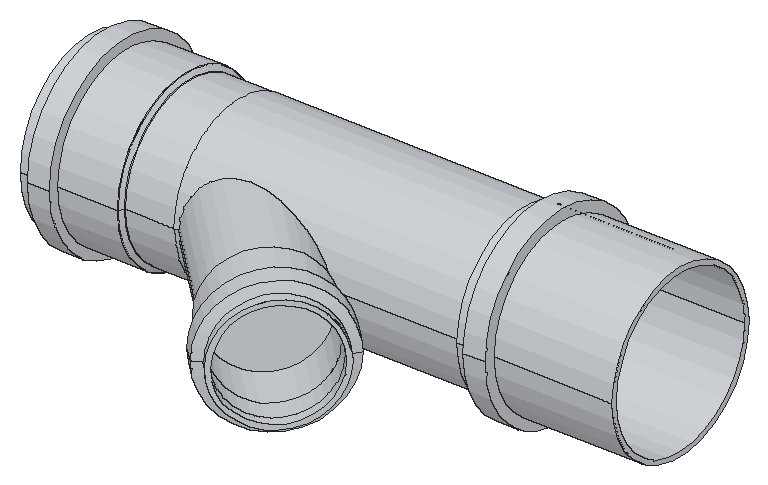
Revit family "Juncao Invertida - Serie Normal - Esgoto - MEP - Tigre", category Pipe Fittings, Revit 2022
Family settings
  Round Connector Dimension = Use Radius
  Part Type = Tee
  Work Plane-Based = No
  Always vertical = Yes
  Cut with Voids When Loaded = No
  Shared = No
Parameters (values of type "Standard")
  Ângulo 1 [instance] = if(Ângulo > 90.00°, 180.00° - Ângulo, Ângulo)  # 45.00°
  Ângulo [instance] = 45.00°
  built-in parameter 1114242 [instance] = (empty or 0)
  URL = "http://www.tigre.com.br"
  Type Comments = ""
  Tigre: Sistema = "Esgoto"  # constant formula
  Tigre: Norma = ""
  Tigre: Material = "PVC Branco"  # constant formula
  Tigre: Marcador [instance] = "00"
  Tigre: Link do Produto = "http://www.tigre.com.br/pt/produtos_unico.php?rcr_id=4&cpr_id=10&cpr_id_pai=4&lnh_id=9&prd_id=709"
  Tigre: Linha = "Série Normal"  # constant formula
  Tigre: Fabricante = "© Tigre S/A"  # constant formula
  Tigre: Descrição [instance] = if(and(Diâmetro Nominal 1 = 75.00 mm, Diâmetro Nominal 2 = 50.00 mm, Ângulo 1 > 40.00°, Ângulo 1 < 50.00°), "Junção Invertida 75 x 50mm, Esgoto Série Normal - TIGRE", if(and(Diâmetro Nominal 1 = 75.00 mm, Diâmetro Nominal 2 = 75.00 mm, Ângulo 1 > 40.00°, Ângulo 1 < 50.00°), "Junção Invertida 75 x 75mm, Esgoto Série Normal - TIGRE", if(and(Diâmetro Nominal 1 = 100.00 mm, Diâmetro Nominal 2 = 50.00 mm, Ângulo 1 > 40.00°, Ângulo 1 < 50.00°), "Junção Invertida 100 x 50mm, Esgoto Série Normal - TIGRE", if(and(Diâmetro Nominal 1 = 100.00 mm, Diâmetro Nominal 2 = 75.00 mm, Ângulo 1 > 40.00°, Ângulo 1 < 50.00°), "Junção Invertida 100 x 75mm, Esgoto Série Normal - TIGRE", if(and(Diâmetro Nominal 1 = 100.00 mm, Diâmetro Nominal 2 = 100.00 mm, Ângulo 1 > 40.00°, Ângulo 1 < 50.00°), "Junção Invertida 100 x 100mm, Esgoto Série Normal - TIGRE", "Produto Inexistente")))))  # "Junção Invertida 75 x 50mm, Esgoto Série Normal - TIGRE"
  Tigre: Código com Separador [instance] = if(and(Diâmetro Nominal 1 = 75.00 mm, Diâmetro Nominal 2 = 50.00 mm, Ângulo 1 > 40.00°, Ângulo 1 < 50.00°), "26.29.726.5", if(and(Diâmetro Nominal 1 = 75.00 mm, Diâmetro Nominal 2 = 75.00 mm, Ângulo 1 > 40.00°, Ângulo 1 < 50.00°), "26.29.729.0", if(and(Diâmetro Nominal 1 = 100.00 mm, Diâmetro Nominal 2 = 50.00 mm, Ângulo 1 > 40.00°, Ângulo 1 < 50.00°), "26.29.746.0", if(and(Diâmetro Nominal 1 = 100.00 mm, Diâmetro Nominal 2 = 75.00 mm, Ângulo 1 > 40.00°, Ângulo 1 < 50.00°), "26.29.747.8", if(and(Diâmetro Nominal 1 = 100.00 mm, Diâmetro Nominal 2 = 100.00 mm, Ângulo 1 > 40.00°, Ângulo 1 < 50.00°), "26.29.748.6", "Produto ou Código Inexistente")))))  # "26.29.726.5"
  Tigre: Código [instance] = if(and(Diâmetro Nominal 1 = 75.00 mm, Diâmetro Nominal 2 = 50.00 mm, Ângulo 1 > 40.00°, Ângulo 1 < 50.00°), 26297265, if(and(Diâmetro Nominal 1 = 75.00 mm, Diâmetro Nominal 2 = 75.00 mm, Ângulo 1 > 40.00°, Ângulo 1 < 50.00°), 26297290, if(and(Diâmetro Nominal 1 = 100.00 mm, Diâmetro Nominal 2 = 50.00 mm, Ângulo 1 > 40.00°, Ângulo 1 < 50.00°), 26297460, if(and(Diâmetro Nominal 1 = 100.00 mm, Diâmetro Nominal 2 = 75.00 mm, Ângulo 1 > 40.00°, Ângulo 1 < 50.00°), 26297478, if(and(Diâmetro Nominal 1 = 100.00 mm, Diâmetro Nominal 2 = 100.00 mm, Ângulo 1 > 40.00°, Ângulo 1 < 50.00°), 26297486, 0)))))  # 26297265
  Tigre: Comentários [instance] = ""
  Representação Unifilar 2 [instance] = Diâmetro Nominal 1 * 0.2  # 15 mm
  Representação Unifilar 1 [instance] = Diâmetro Nominal 1 * 0.2  # 15 mm
  Raio Nominal 2 [instance] = 25 mm
  Raio Nominal 1 [instance] = 37.5 mm
  Raio Interno 1 [instance] = Raio Nominal 1 - 2.00 mm  # 35.50 mm
  Raio Externo 2 [instance] = Diâmetro Externo 2 / 2  # 27 mm
  Raio Externo 1 [instance] = Diâmetro Externo 1 / 2  # 40 mm
  Raio Anel 2 [instance] = size_lookup(Lookup Table Name, "RaioAnel2", 0.5343 * Diâmetro Nominal 1 - 3.80 mm, Diâmetro Nominal 1, Diâmetro Nominal 2)  # 31.5 mm
  Raio Anel 1 [instance] = size_lookup(Lookup Table Name, "RaioAnel1", 0.5652 * Diâmetro Nominal 1 + 0.86 mm, Diâmetro Nominal 1, Diâmetro Nominal 2)  # 44.4 mm
  Model = ""
  Manufacturer = Tigre: Fabricante  # "© Tigre S/A"
  Luva Esquerda [instance] = and(and(not(Diâmetro Nominal 1 = 40.00 mm), Bolsa Direita), not(Ligação em Conexão))  # yes
  Luva Direita [instance] = and(and(not(Diâmetro Nominal 1 = 40.00 mm), Bolsa Esquerda), not(Ligação em Conexão), not(and(Ângulo > 40.00°, Ângulo < 50.00°)))  # no
  Loss Method = Not Defined
  Lookup Table Name = "Juncao invertida - Serie Normal - Esgoto - MEP - Tigre"
  Ligação em Conexão [instance] = no
  K Coefficient Table = "Tee"
  Inverter Sentido da Luva _ Somente Tê [instance] = 1 = 0  # no
  Description = "Junção Invertida, Esgoto Série Normal - TIGRE"
  Default Elevation = 0.00 mm
  Cota Máxima [instance] = if(Cota A1 > Cota C1, Cota A1, Cota C1)  # 137 mm
  Cota E1 [instance] = if(and(Ângulo > 40.00°, Ângulo < 50.00°), size_lookup(Lookup Table Name, "CotE1", 0.5 * Diâmetro Nominal 1, Diâmetro Nominal 1, Diâmetro Nominal 2), if(and(Ângulo > 130.00°, Ângulo < 140.00°), size_lookup(Lookup Table Name, "CotE2", 1.5 * Diâmetro Nominal 1, Diâmetro Nominal 1, Diâmetro Nominal 2), size_lookup(Lookup Table Name, "CotE1", 1.5 * Diâmetro Nominal 1, Diâmetro Nominal 1, Diâmetro Nominal 2)))  # 69.55 mm
  Aux. Unifilar [instance] = Cota C + Chanfro 2  # 91.3 mm
  Bolsa Esquerda [instance] = or(and(Diâmetro Nominal 1 = 40.00 mm), not(Bolsa Direita))  # no
  Bolsa Direita [instance] = or(and(Diâmetro Nominal 1 = 40.00 mm), Inverter Sentido da Luva _ Somente Tê, and(Ângulo > 40.00°, Ângulo < 50.00°))  # yes
  Anel 2 [instance] = if(and(Diâmetro Nominal 1 = 40.00 mm, Diâmetro Nominal 2 = 40.00 mm), Raio Externo 2, Raio Anel 2)  # 31.5 mm
  Anel 1 [instance] = if(and(Diâmetro Nominal 1 = 40.00 mm, Diâmetro Nominal 2 = 40.00 mm), Raio Externo 1, Raio Anel 1)  # 44.4 mm
  Acabamento [instance] = none
  Diâmetro Nominal 2 [instance] = Raio Nominal 2 * 2  # 50 mm
  Diâmetro Nominal 1 [instance] = Raio Nominal 1 * 2  # 75 mm
  Diâmetro Externo 2 [instance] = size_lookup(Lookup Table Name, "DE2", 0.9733 * Diâmetro Nominal 1 - 6.84 mm, Diâmetro Nominal 1, Diâmetro Nominal 2)  # 54 mm
  Diâmetro Externo 1 [instance] = size_lookup(Lookup Table Name, "DE1", 1.031 * Diâmetro Nominal 1 + 2.66 mm, Diâmetro Nominal 1, Diâmetro Nominal 2)  # 80 mm
  Cota D2 [instance] = size_lookup(Lookup Table Name, "CotD2", 0.0224 * Diâmetro Nominal 1 + 3.42 mm, Diâmetro Nominal 1, Diâmetro Nominal 2)  # 5.3 mm
  Cota D1 [instance] = size_lookup(Lookup Table Name, "CotD1", 0.0241 * Diâmetro Nominal 1 + 3.46 mm, Diâmetro Nominal 1, Diâmetro Nominal 2)  # 5.5 mm
  Cota C1 [instance] = if(and(Ângulo > 40.00°, Ângulo < 50.00°), size_lookup(Lookup Table Name, "CotC1", 0.5 * Diâmetro Nominal 1, Diâmetro Nominal 1, Diâmetro Nominal 2), if(and(Ângulo > 130.00°, Ângulo < 140.00°), size_lookup(Lookup Table Name, "CotA1", 1.5 * Diâmetro Nominal 1, Diâmetro Nominal 1, Diâmetro Nominal 2), size_lookup(Lookup Table Name, "CotA1", 1.5 * Diâmetro Nominal 1, Diâmetro Nominal 1, Diâmetro Nominal 2)))  # 23 mm
  Cota C [instance] = if(and(Ângulo > 130.00°, Ângulo < 140.00°), size_lookup(Lookup Table Name, "CotE", Cota Máxima, Diâmetro Nominal 1, Diâmetro Nominal 2), if(and(Ângulo > 40.00°, Ângulo < 50.00°), size_lookup(Lookup Table Name, "CotE", Cota Máxima, Diâmetro Nominal 1, Diâmetro Nominal 2), Cota Máxima))  # 90 mm
  Cota B2 [instance] = size_lookup(Lookup Table Name, "CotB2", 0.2779 * Diâmetro Nominal 1 + 19.00 mm, Diâmetro Nominal 1, Diâmetro Nominal 2)  # 40 mm
  Cota B1 [instance] = size_lookup(Lookup Table Name, "CotB1", 0.332 * Diâmetro Nominal 1 + 18.35 mm, Diâmetro Nominal 1, Diâmetro Nominal 2)  # 46.55 mm
  Cota Anel 2 [instance] = size_lookup(Lookup Table Name, "CotAnel2", 0.0703 * Diâmetro Nominal 1 + 4.08 mm, Diâmetro Nominal 1, Diâmetro Nominal 2)  # 10 mm
  Cota Anel 1 [instance] = size_lookup(Lookup Table Name, "CotAnel1", 0.0801 * Diâmetro Nominal 1 + 3.76 mm, Diâmetro Nominal 1, Diâmetro Nominal 2)  # 10.2 mm
  Cota A1 [instance] = if(and(Ângulo > 130.00°, Ângulo < 140.00°), size_lookup(Lookup Table Name, "CotC1", 0.5 * Diâmetro Nominal 1, Diâmetro Nominal 1, Diâmetro Nominal 2), if(and(Ângulo > 40.00°, Ângulo < 50.00°), size_lookup(Lookup Table Name, "CotA1", 1.5 * Diâmetro Nominal 1, Diâmetro Nominal 1, Diâmetro Nominal 2), size_lookup(Lookup Table Name, "CotC1", 0.5 * Diâmetro Nominal 1, Diâmetro Nominal 1, Diâmetro Nominal 2)))  # 137 mm
  Chanfro 2 [instance] = size_lookup(Lookup Table Name, "Chan2", 0.0023 * Diâmetro Nominal 1 + 1.12 mm, Diâmetro Nominal 1, Diâmetro Nominal 2)  # 1.3 mm
  Chanfro 1 [instance] = size_lookup(Lookup Table Name, "Chan1", 0.0024 * Diâmetro Nominal 1 + 1.15 mm, Diâmetro Nominal 1, Diâmetro Nominal 2)  # 1.4 mm
Reference planes
  plane 1 "Center (Front/Back)": y = 0
  plane 2: z = 0
  plane 3 "Center (Left/Right)": x = 0
Forms (mm)
  Sweep 1, solid, material <- "Acabamento", detail levels fine
    path in 3D
      loop
        line (0, 0, 0) -> (-23, 0, 0)
    profile origin (-11.5, 0, 0) x (0, -1, 0) y (0, 0, 1)
      loop
        circle (0, 0) r 37.5
  SweptBlend 2, solid, material <- "Acabamento", visible <- "Bolsa Direita", detail levels fine
    path in 3D
      loop
        line (-23, 0, 0) -> (-24.4, 0, 0)
    profile origin (-23, 0, 0) x (0, -1, 0) y (0, 0, 1)
      loop
        circle (0, 0) r 37.5
    end profile origin (-24.4, 0, 0) x (0, -1, 0) y (0, 0, 1)
      loop
        circle (0, 0) r 40
  Sweep 3, solid, material <- "Acabamento", visible <- "Bolsa Direita", detail levels fine
    path in 3D
      loop
        line (-24.4, 0, 0) -> (-52.45, 0, 0)
    profile origin (-38.425, 0, 0) x (0, -1, 0) y (0, 0, 1)
      loop
        circle (0, 0) r 40
      loop
        circle (0, 0) r 37.5
  Sweep 4, solid, material <- "Acabamento", visible <- "Bolsa Direita", detail levels fine
    path in 3D
      loop
        line (-52.45, 0, 0) -> (-62.65, 0, 0)
    profile origin (-57.55, 0, 0) x (0, -1, 0) y (0, 0, 1)
      loop
        circle (0, 0) r 44.4
      loop
        circle (0, 0) r 37.5
  SweptBlend 5, solid, material <- "Acabamento", visible <- "Bolsa Direita", detail levels fine
    path in 3D
      loop
        line (-62.65, 0, 0) -> (-64.05, 0, 0)
    profile origin (-62.65, 0, 0) x (0, -1, 0) y (0, 0, 1)
      loop
        circle (0, 0) r 44.4
    end profile origin (-64.05, 0, 0) x (0, -1, 0) y (0, 0, 1)
      loop
        circle (0, 0) r 40
  Sweep 6, solid, material <- "Acabamento", visible <- "Bolsa Direita", detail levels fine
    path in 3D
      loop
        line (-64.05, 0, 0) -> (-69.55, 0, 0)
    profile origin (-66.8, 0, 0) x (0, -1, 0) y (0, 0, 1)
      loop
        circle (0, 0) r 37.5
      loop
        circle (0, 0) r 40
  Sweep 7, solid, material <- "Acabamento", detail levels fine
    path in 3D
      loop
        line (0, 0, 0) -> (63.64, -63.64, 0)
    profile origin (31.82, -31.82, 0) x (0.707107, 0.707107, 0) y (0, 0, 1)
      loop
        circle (0, 0) r 25
  SweptBlend 8, solid, material <- "Acabamento", detail levels fine
    path in 3D
      loop
        line (63.64, -63.64, 0) -> (64.559, -64.559, 0)
    profile origin (63.64, -63.64, 0) x (0.707107, 0.707107, 0) y (0, 0, 1)
      loop
        circle (0, 0) r 25
    end profile origin (64.559, -64.559, 0) x (0.707107, 0.707107, 0) y (0, 0, 1)
      loop
        circle (0, 0) r 27
  Sweep 9, solid, material <- "Acabamento", detail levels fine
    path in 3D
      loop
        line (64.559, -64.559, 0) -> (81.105, -81.105, 0)
    profile origin (72.832, -72.832, 0) x (0.707107, 0.707107, 0) y (0, 0, 1)
      loop
        circle (0, 0) r 27
      loop
        circle (0, 0) r 25
  SweptBlend 10, solid, material <- "Acabamento", detail levels fine
    path in 3D
      loop
        line (88.176, -88.176, 0) -> (89.095, -89.095, 0)
    profile origin (88.176, -88.176, 0) x (0.707107, 0.707107, 0) y (0, 0, 1)
      loop
        circle (0, 0) r 31.5
    end profile origin (89.095, -89.095, 0) x (0.707107, 0.707107, 0) y (0, 0, 1)
      loop
        circle (0, 0) r 27
  Sweep 11, solid, material <- "Acabamento", detail levels fine
    path in 3D
      loop
        line (89.095, -89.095, 0) -> (92.843, -92.843, 0)
    profile origin (90.969, -90.969, 0) x (0.707107, 0.707107, 0) y (0, 0, 1)
      loop
        circle (0, 0) r 27
      loop
        circle (0, 0) r 25
  Sweep 12, solid, material <- "Acabamento", detail levels fine
    path in 3D
      loop
        line (137, 0, 0) -> (0, 0, 0)
    profile origin (68.5, 0, 0) x (0, -1, 0) y (0, 0, 1)
      loop
        circle (0, 0) r 37.5
  SweptBlend 13, solid, material <- "Acabamento", visible <- "Bolsa Esquerda", detail levels fine
    path in 3D
      loop
        line (137, 0, 0) -> (138.4, 0, 0)
    profile origin (137, 0, 0) x (0, 1, 0) y (0, 0, 1)
      loop
        circle (0, 0) r 37.5
    end profile origin (138.4, 0, 0) x (0, 1, 0) y (0, 0, 1)
      loop
        circle (0, 0) r 40
  Sweep 14, solid, material <- "Acabamento", visible <- "Bolsa Esquerda", detail levels fine
    path in 3D
      loop
        line (138.4, 0, 0) -> (166.45, 0, 0)
    profile origin (152.425, 0, 0) x (0, 1, 0) y (0, 0, 1)
      loop
        circle (0, 0) r 40
      loop
        circle (0, 0) r 37.5
  SweptBlend 15, solid, material <- "Acabamento", visible <- "Bolsa Esquerda", detail levels fine
    path in 3D
      loop
        line (176.65, 0, 0) -> (178.05, 0, 0)
    profile origin (176.65, 0, 0) x (0, 1, 0) y (0, 0, 1)
      loop
        circle (0, 0) r 44.4
    end profile origin (178.05, 0, 0) x (0, 1, 0) y (0, 0, 1)
      loop
        circle (0, 0) r 40
  Sweep 16, solid, material <- "Acabamento", visible <- "Bolsa Esquerda", detail levels fine
    path in 3D
      loop
        line (178.05, 0, 0) -> (183.55, 0, 0)
    profile origin (180.8, 0, 0) x (0, 1, 0) y (0, 0, 1)
      loop
        circle (0, 0) r 40
      loop
        circle (0, 0) r 37.5
  Sweep 17, void
    path origin (0, 0, 0) x (1, 0, 0) y (0, 1, 0)
      loop
        line (64.559, -64.559) -> (92.843, -92.843)
    profile origin (78.701, -78.701, 0) x (0.707107, 0.707107, 0) y (0, 0, 1)
      loop
        circle (0, 0) r 25
  Sweep 18, solid, material <- "Acabamento", detail levels fine
    path in 3D
      loop
        line (81.105, -81.105, 0) -> (88.176, -88.176, 0)
    profile origin (84.641, -84.641, 0) x (0.707107, 0.707107, 0) y (0, 0, 1)
      loop
        circle (0, 0) r 31.5
  Sweep 19, solid, material <- "Acabamento", visible <- "Bolsa Esquerda", detail levels fine
    path in 3D
      loop
        line (166.45, 0, 0) -> (176.65, 0, 0)
    profile origin (171.55, 0, 0) x (0, 1, 0) y (0, 0, 1)
      loop
        circle (0, 0) r 44.4
      loop
        circle (0, 0) r 37.5
  Sweep 20, void
    path in 3D
      loop
        line (-62.65, 0, 0) -> (-64.05, 0, 0)
    profile origin (-63.35, 0, 0) x (0, -1, 0) y (0, 0, 1)
      loop
        circle (0, 0) r 37.5
  Sweep 21, void
    path in 3D
      loop
        line (176.65, 0, 0) -> (178.05, 0, 0)
    profile origin (177.35, 0, 0) x (0, 1, 0) y (0, 0, 1)
      loop
        circle (0, 0) r 37.5
  Sweep 22, solid, material <- "Acabamento", detail levels fine
    path in 3D
      loop
        line (137, 0, 0) -> (138.4, 0, 0)
    profile origin (137.7, 0, 0) x (0, 1, 0) y (0, 0, 1)
      loop
        circle (0, 0) r 37.5
  Sweep 23, solid, material <- "Acabamento", detail levels fine
    path in 3D
      loop
        line (-23, 0, 0) -> (-24.4, 0, 0)
    profile origin (-23.7, 0, 0) x (0, -1, 0) y (0, 0, 1)
      loop
        circle (0, 0) r 37.5
  Extrusion 24, void
    sketch origin (0, 0, 0) x (0, 1, 0) y (0, 0, 1)
      loop
        circle (0, 0) r 35.5
    from -69.55 to 237.669
Cuts and joins
  Sweep 17, Extrusion 24 cuts Sweep 1
  Sweep 17, Extrusion 24 cuts Sweep 7
  Sweep 17, Extrusion 24 cuts Sweep 12
  Extrusion 24 cuts Sweep 22
  Extrusion 24 cuts Sweep 23
  joined: Sweep 1, Sweep 7, Sweep 12, Sweep 22, Sweep 23
  Sweep 17, Sweep 20, Extrusion 24 cuts Sweep 3
  Sweep 17, Sweep 20, Extrusion 24 cuts Sweep 4
  Sweep 17, Sweep 20, Extrusion 24 cuts SweptBlend 5
  Sweep 17, Sweep 20, Extrusion 24 cuts Sweep 6
  joined: Sweep 3, Sweep 4, SweptBlend 5, Sweep 6
  Sweep 17 cuts SweptBlend 8
  Sweep 17 cuts Sweep 9
  Sweep 17 cuts SweptBlend 10
  Sweep 17 cuts Sweep 11
  Sweep 17 cuts Sweep 18
  joined: SweptBlend 8, Sweep 9, SweptBlend 10, Sweep 11, Sweep 18
  Sweep 21, Extrusion 24 cuts Sweep 14
  Sweep 21, Extrusion 24 cuts SweptBlend 15
  Sweep 21, Extrusion 24 cuts Sweep 16
  Sweep 21, Extrusion 24 cuts Sweep 19
  joined: Sweep 14, SweptBlend 15, Sweep 16, Sweep 19
  Sweep 17, Sweep 20, Extrusion 24 cuts SweptBlend 2
  Sweep 21, Extrusion 24 cuts SweptBlend 13
Lines and regions (mm)
  model lines, not visible, detail levels coarse+medium
    curve 1: line (-23, 0, 0) -> (-24.4, 0, 0)
    curve 2: line (-24.4, 0, 0) -> (-52.45, 0, 0)
    curve 3: line (-52.45, 0, 0) -> (-62.65, 0, 0)
    curve 4: line (-62.65, 0, 0) -> (-64.05, 0, 0)
    curve 5: line (-64.05, 0, 0) -> (-69.55, 0, 0)
    curve 8: line (64.559, -64.559, 0) -> (81.105, -81.105, 0)
    curve 9: line (81.105, -81.105, 0) -> (88.176, -88.176, 0)
    curve 10: line (88.176, -88.176, 0) -> (89.095, -89.095, 0)
    curve 11: line (89.095, -89.095, 0) -> (92.843, -92.843, 0)
    curve 22: line (137, 0, 0) -> (138.4, 0, 0)
    curve 23: line (138.4, 0, 0) -> (166.45, 0, 0)
    curve 24: line (166.45, 0, 0) -> (176.65, 0, 0)
    curve 25: line (176.65, 0, 0) -> (178.05, 0, 0)
    curve 26: line (178.05, 0, 0) -> (183.55, 0, 0)
    curve 43: line (0, 0, 0) -> (-23, 0, 0)
    curve 44: line (137, 0, 0) -> (0, 0, 0)
  model lines, detail levels coarse+medium
    curve 6: line (0, 0, 0) -> (63.64, -63.64, 0)
    curve 7: line (63.64, -63.64, 0) -> (64.559, -64.559, 0)
    curve 31: line (64.559, -64.559, 0) -> (53.952, -75.165, 0)
    curve 32: line (64.559, -64.559, 0) -> (75.165, -53.952, 0)
    curve 39: line (-91.3, 15, 0) -> (-91.3, -15, 0)
    curve 40: line (91.3, 15, 0) -> (91.3, -15, 0)
    curve 41: line (91.3, 0, 0) -> (0, 0, 0)
    curve 42: line (0, 0, 0) -> (-91.3, 0, 0)
  sketch lines
    curve 12: line (-23, 0, 0) -> (-24.4, 0, 0)
    curve 13: line (-24.4, 0, 0) -> (-52.45, 0, 0)
    curve 14: line (-52.45, 0, 0) -> (-62.65, 0, 0)
    curve 15: line (-62.65, 0, 0) -> (-64.05, 0, 0)
    curve 16: line (-64.05, 0, 0) -> (-69.55, 0, 0)
    curve 17: line (0, 0, 0) -> (63.64, -63.64, 0)
    curve 18: line (63.64, -63.64, 0) -> (64.559, -64.559, 0)
    curve 19: line (64.559, -64.559, 0) -> (81.105, -81.105, 0)
    curve 20: line (88.176, -88.176, 0) -> (89.095, -89.095, 0)
    curve 21: line (89.095, -89.095, 0) -> (92.843, -92.843, 0)
    curve 27: line (137, 0, 0) -> (138.4, 0, 0)
    curve 28: line (138.4, 0, 0) -> (166.45, 0, 0)
    curve 29: line (176.65, 0, 0) -> (178.05, 0, 0)
    curve 30: line (178.05, 0, 0) -> (183.55, 0, 0)
    curve 33: line (81.105, -81.105, 0) -> (88.176, -88.176, 0)
    curve 34: line (166.45, 0, 0) -> (176.65, 0, 0)
    curve 35: line (-62.65, 0, 0) -> (-64.05, 0, 0)
    curve 36: line (176.65, 0, 0) -> (178.05, 0, 0)
    curve 37: line (137, 0, 0) -> (138.4, 0, 0)
    curve 38: line (-23, 0, 0) -> (-24.4, 0, 0)
    curve 45: line (137, 0, 0) -> (0, 0, 0)
    curve 46: line (0, 0, 0) -> (-23, 0, 0)
Dimensions and locks
  "Chanfro 1": curve 2 to curve 1
  curve 3 to curve 2 = 28.05 mm
  "Cota Anel 1": curve 4 to curve 3
  "Chanfro 1": curve 5 to curve 4
  "Cota D1": curve 5 to curve 5
  "Cota B1": curve 5 to curve 1
  "Cota C": curve 6 to curve 6
  "Chanfro 2": curve 7 to curve 6
  curve 8 to curve 8 = 23.40 mm
  "Cota D2": curve 11 to curve 11
  "Chanfro 2": curve 11 to curve 10
  "Cota Anel 2": curve 10 to curve 9
  "Cota B2": curve 11 to curve 8
  "Chanfro 1": curve 23 to curve 22
  curve 24 to curve 23 = 28.05 mm
  "Cota Anel 1": curve 25 to curve 24
  "Chanfro 1": curve 26 to curve 25
  "Cota D1": curve 26 to curve 26
  equal spacing: curve 31, curve 6, curve 32
  "Representação Unifilar 2": curve 31 to curve 6
  "Cota B2": Sweep 17 sketch curve to Sweep 17 sketch curve
  "Cota B1": curve 26 to curve 22
  equal spacing: curve 39, plane 1 "Center (Front/Back)", curve 39
  "Representação Unifilar 1": plane 1 "Center (Front/Back)" to curve 39
  "Aux. Unifilar": curve 39 to plane 3 "Center (Left/Right)"
  "Aux. Unifilar": plane 3 "Center (Left/Right)" to curve 40
  "Cota E1": curve 5 to plane 3 "Center (Left/Right)"
  plane 3 "Center (Left/Right)" to curve 26 = 183.55 mm
  "Cota C1": curve 43 to curve 43
  "Cota A1": curve 44 to curve 44
  "Raio Nominal 1": radius of Sweep 1 sketch curve
  "Raio Externo 1": radius of SweptBlend 2 sketch curve
  "Raio Nominal 2": radius of Sweep 7 sketch curve
  "Raio Externo 2": radius of SweptBlend 8 sketch curve
  "Anel 1": radius of SweptBlend 5 sketch curve
  "Anel 2": radius of SweptBlend 10 sketch curve
  "Raio Nominal 1": radius of Sweep 3 sketch curve
  "Raio Externo 1": radius of SweptBlend 13 sketch curve
  "Raio Anel 1": radius of SweptBlend 15 sketch curve
  "Raio Nominal 1": radius of Sweep 14 sketch curve
  "Raio Nominal 1": radius of SweptBlend 13 sketch curve
  "Raio Nominal 2": radius of Sweep 17 sketch curve
  "Raio Externo 1": radius of SweptBlend 5 sketch curve
  "Raio Nominal 1": radius of Sweep 6 sketch curve
  "Raio Externo 1": radius of Sweep 6 sketch curve
  "Raio Anel 1": radius of Sweep 4 sketch curve
  "Raio Externo 1": radius of Sweep 16 sketch curve
  "Raio Nominal 1": radius of Sweep 16 sketch curve
  "Raio Anel 2": radius of Sweep 18 sketch curve
  "Raio Externo 1": radius of SweptBlend 15 sketch curve
  "Raio Anel 1": radius of Sweep 19 sketch curve
  "Raio Nominal 1": radius of Sweep 12 sketch curve
  "Raio Nominal 1": radius of Sweep 4 sketch curve
  "Raio Nominal 1": radius of Sweep 19 sketch curve
  "Raio Nominal 1": radius of Sweep 20 sketch curve
  "Raio Nominal 1": radius of Sweep 21 sketch curve
  "Raio Nominal 1": radius of Sweep 22 sketch curve
  "Raio Nominal 1": radius of Sweep 23 sketch curve
  "Raio Interno 1": radius of Extrusion 24 sketch curve
  "Raio Nominal 1": radius of SweptBlend 2 sketch curve
  locked: curve 6 to curve 32 (angle 90.00°)
  locked: curve 6 to curve 31 (angle 90.00°)
  "Ângulo": angle curve 6 to plane 1 "Center (Front/Back)"
  "Ângulo": angle curve 7 to plane 1 "Center (Front/Back)"
  "Ângulo": angle curve 8 to plane 1 "Center (Front/Back)"
  "Ângulo": angle curve 9 to plane 1 "Center (Front/Back)"
  "Ângulo": angle curve 10 to plane 1 "Center (Front/Back)"
  "Ângulo": angle curve 11 to plane 1 "Center (Front/Back)"
  "Ângulo": angle Sweep 17 sketch curve to plane 1 "Center (Front/Back)"
  aligned and locked: plane 1 "Center (Front/Back)" to curve 6
  aligned and locked: Sweep 3 sketch curve to SweptBlend 2  (x2)
  aligned and locked: SweptBlend 8 sketch curve to Sweep 7  (x2)
  aligned and locked: Sweep 9 sketch curve to SweptBlend 8  (x2)
  aligned and locked: Sweep 9 sketch curve to Sweep 7  (x2)
  aligned and locked: SweptBlend 10 sketch curve to Sweep 9  (x2)
  aligned and locked: Sweep 11 sketch curve to Sweep 9  (x2)
  aligned and locked: Sweep 11 sketch curve to Sweep 7  (x2)
  aligned and locked: Sweep 14 sketch curve to SweptBlend 13  (x2)
  aligned and locked: Sweep 17 sketch curve to curve 32
  aligned and locked: curve 6 to Sweep 17 sketch curve
  aligned and locked: nested 2 to plane 1 "Center (Front/Back)"
  aligned and locked: plane 1 "Center (Front/Back)" to nested 1
  aligned and locked: curve 39 to curve 40
  aligned and locked: curve 39 to curve 42
  aligned and locked: plane 3 "Center (Left/Right)" to curve 6
  aligned and locked: Extrusion 24 to curve 5
Automatic sketch dimensions
  plane 1 "Center (Front/Back)" to curve 5 = 0.00 mm
  curve 41 to curve 40 = 15.00 mm
  Sweep 1 sketch curve to profile plane = 0.00 mm  (x2)
  SweptBlend 2 sketch curve to profile plane = 0.00 mm  (x4)
  Sweep 3 sketch curve to Sweep 3 sketch curve = 0.00 mm  (x2)
  Sweep 4 sketch curve to Sweep 4 sketch curve = 0.00 mm  (x2)
  Sweep 4 sketch curve to profile plane = 0.00 mm  (x2)
  SweptBlend 5 sketch curve to profile plane = 0.00 mm  (x4)
  Sweep 6 sketch curve to Sweep 6 sketch curve = 0.00 mm  (x2)
  Sweep 6 sketch curve to profile plane = 0.00 mm  (x2)
  Sweep 7 sketch curve to profile plane = 0.00 mm  (x2)
  SweptBlend 8 sketch curve to profile plane = 0.00 mm  (x2)
  SweptBlend 10 sketch curve to profile plane = 0.00 mm  (x2)
  Sweep 12 sketch curve to profile plane = 0.00 mm  (x2)
  SweptBlend 13 sketch curve to profile plane = 0.00 mm  (x4)
  Sweep 14 sketch curve to Sweep 14 sketch curve = 0.00 mm  (x2)
  SweptBlend 15 sketch curve to profile plane = 0.00 mm  (x4)
  Sweep 16 sketch curve to Sweep 16 sketch curve = 0.00 mm  (x2)
  Sweep 16 sketch curve to profile plane = 0.00 mm  (x2)
  Sweep 17 sketch curve to level = 0.00 mm
  Sweep 17 sketch curve to profile plane = 0.00 mm
  Sweep 18 sketch curve to profile plane = 0.00 mm  (x2)
  Sweep 19 sketch curve to Sweep 19 sketch curve = 0.00 mm  (x2)
  Sweep 19 sketch curve to profile plane = 0.00 mm  (x2)
  Sweep 20 sketch curve to profile plane = 0.00 mm  (x2)
  Sweep 21 sketch curve to profile plane = 0.00 mm  (x2)
  Sweep 22 sketch curve to profile plane = 0.00 mm  (x2)
  Sweep 23 sketch curve to profile plane = 0.00 mm  (x2)
  Extrusion 24 sketch curve to level = 0.00 mm
  Extrusion 24 sketch curve to plane 1 "Center (Front/Back)" = 0.00 mm
Nested families
  nested 1: "Luva Simples para Conexão - Serie Normal - Esgoto - MEP - Tigre" at (133.24, 0, 0), Acabamento <- "Acabamento", Raio Nominal <- "Raio Nominal 1", Tigre: Marcador <- "Tigre: Marcador", Tigre: Comentários <- "Tigre: Comentários", visible <- "Luva Esquerda", type "Standard"
    with Tigre: Marcador "00", Tigre: Descrição "Luva Simples 75mm, Esgoto Série Normal - TIGRE", Tigre: Código com Separador "26.30.075.4", Tigre: Código 26300754, Tigre: Comentários "", Representação Unifilar 15 mm, Raio Nominal 37.5 mm, Raio Bolsa 3 39.55 mm, Raio Bolsa 2 44.3 mm, Raio Bolsa 1 39.55 mm, Furo 44 mm, Diâmetro Nominal 75 mm, Detalhe no, Cota L4 5.32 mm, Cota L3 1.21 mm, Cota L2 10.43 mm, Cota L1 55.24 mm, Acabamento none
  nested 2: "Luva Simples para Conexão - Serie Normal - Esgoto - MEP - Tigre" at (-133.24, 0, 0) x (-1, 0, 0) z (0, 0, 1), Acabamento <- "Acabamento", Raio Nominal <- "Raio Nominal 1", Tigre: Marcador <- "Tigre: Marcador", Tigre: Comentários <- "Tigre: Comentários", visible <- "Luva Direita", type "Standard"
    with Tigre: Marcador "00", Tigre: Descrição "Luva Simples 75mm, Esgoto Série Normal - TIGRE", Tigre: Código com Separador "26.30.075.4", Tigre: Código 26300754, Tigre: Comentários "", Representação Unifilar 15 mm, Raio Nominal 37.5 mm, Raio Bolsa 3 39.55 mm, Raio Bolsa 2 44.3 mm, Raio Bolsa 1 39.55 mm, Furo 44 mm, Diâmetro Nominal 75 mm, Detalhe no, Cota L4 5.32 mm, Cota L3 1.21 mm, Cota L2 10.43 mm, Cota L1 55.24 mm, Acabamento none
Connectors
  piping at (-24.4, 0, 0), diameter 75, driven by "Raio Nominal 1"
    settings: on cut or joined group of Sweep 1, Sweep 7, Sweep 12, Sweep 17, Sweep 22, Sweep 23, Extrusion 24, index 1, connector inside diameter 100 mm, connector length 0.00 mm, flow factor 0, pipe flow 0.0 L/s, pressure drop 0.0 Pa, fitting loss kfactor 0, connector angle 0.00°, fixture units 0, engagement length 0.00 mm, angle of deflection 0.00°, flow configuration 0, flow direction 0, fitting loss method 0, system type 28, joint type 0, gender type 0, connector reference index 2, connector utility 0, adjustable connector no, is connector primary yes, connector description ""
  piping at (138.4, 0, 0), diameter 75, driven by "Raio Nominal 1"
    settings: on cut or joined group of Sweep 1, Sweep 7, Sweep 12, Sweep 17, Sweep 22, Sweep 23, Extrusion 24, index 2, connector inside diameter 100 mm, connector length 0.00 mm, flow factor 0, pipe flow 0.0 L/s, pressure drop 0.0 Pa, fitting loss kfactor 0, connector angle 0.00°, fixture units 0, engagement length 0.00 mm, angle of deflection 0.00°, flow configuration 0, flow direction 0, fitting loss method 0, system type 28, joint type 0, gender type 0, connector reference index 1, connector utility 0, adjustable connector no, is connector primary no, connector description ""
  piping at (64.559, -64.559, 0), diameter 50, driven by "Raio Nominal 2", driven by "Ângulo"
    settings: on cut or joined group of SweptBlend 8, Sweep 9, SweptBlend 10, Sweep 11, Sweep 17, Sweep 18, index 3, connector inside diameter 75 mm, connector length 0.00 mm, flow factor 0, pipe flow 0.0 L/s, pressure drop 0.0 Pa, fitting loss kfactor 0, connector angle 45.00°, fixture units 0, engagement length 0.00 mm, angle of deflection 0.00°, flow configuration 0, flow direction 0, fitting loss method 0, system type 28, joint type 0, gender type 0, connector reference index -1, connector utility 0, adjustable connector no, is connector primary no, connector description ""
Definition of nested family "Luva Simples para Conexão - Serie Normal - Esgoto - MEP - Tigre"
  Parameters
    URL = "http://www.tigre.com.br"
    Type Comments = ""
    Tigre: Sistema = "Esgoto"  # constant formula
    Tigre: Norma = ""
    Tigre: Material = "PVC Branco"  # constant formula
    Tigre: Marcador [instance] = "00"
    Tigre: Link do Produto = "http://www.tigre.com.br/pt/produtos_unico.php?rcr_id=4&cpr_id=10&cpr_id_pai=4&lnh_id=9&prd_id=713"
    Tigre: Linha = "Série Normal"  # constant formula
    Tigre: Fabricante = "© Tigre S/A"  # constant formula
    Tigre: Descrição [instance] = if(Diâmetro Nominal = 40.00 mm, "Luva Simples 40mm, Esgoto Série Normal - TIGRE", if(Diâmetro Nominal = 50.00 mm, "Luva Simples 50mm, Esgoto Série Normal - TIGRE", if(Diâmetro Nominal = 75.00 mm, "Luva Simples 75mm, Esgoto Série Normal - TIGRE", if(Diâmetro Nominal = 100.00 mm, "Luva Simples 100mm, Esgoto Série Normal - TIGRE", if(Diâmetro Nominal = 150.00 mm, "Luva Simples 150mm, Esgoto Série Normal - TIGRE", if(Diâmetro Nominal = 200.00 mm, "Luva Simples 200mm, Esgoto Série Normal - TIGRE", "Produto Inexistente"))))))  # "Luva Simples 50mm, Esgoto Série Normal - TIGRE"
    Tigre: Código com Separador [instance] = if(Diâmetro Nominal = 40.00 mm, "27.58.040.8", if(Diâmetro Nominal = 50.00 mm, "26.30.050.9", if(Diâmetro Nominal = 75.00 mm, "26.30.075.4", if(Diâmetro Nominal = 100.00 mm, "26.30.100.9", if(Diâmetro Nominal = 150.00 mm, "26.30.150.5", if(Diâmetro Nominal = 200.00 mm, "26.30.200.5", "Produto ou Código Inexistente"))))))  # "26.30.050.9"
    Tigre: Código [instance] = if(Diâmetro Nominal = 40.00 mm, 27580408, if(Diâmetro Nominal = 50.00 mm, 26300509, if(Diâmetro Nominal = 75.00 mm, 26300754, if(Diâmetro Nominal = 100.00 mm, 26301009, if(Diâmetro Nominal = 150.00 mm, 26301505, if(Diâmetro Nominal = 200.00 mm, 26302005, 0))))))  # 26300509
    Tigre: Comentários [instance] = ""
    Representação Unifilar [instance] = Diâmetro Nominal * 0.2  # 10 mm
    Raio Nominal [instance] = 25 mm
    Raio Bolsa 3 [instance] = size_lookup(Lookup Table Name, "RaioB3", 0.544 * Diâmetro Nominal, Diâmetro Nominal)  # 27.2 mm
    Raio Bolsa 2 [instance] = size_lookup(Lookup Table Name, "RaioB2", 0.636 * Diâmetro Nominal, Diâmetro Nominal)  # 31.8 mm
    Raio Bolsa 1 [instance] = size_lookup(Lookup Table Name, "RaioB1", 0.544 * Diâmetro Nominal, Diâmetro Nominal)  # 27.2 mm
    Model = ""
    Manufacturer = Tigre: Fabricante  # "© Tigre S/A"
    Loss Method = (empty or 0)
    Lookup Table Name = "Luva Simples - Serie Normal - Esgoto - MEP - Tigre"
    K Coefficient Table = "Reducer/Coupling/Union/Increaser"
    Furo [instance] = size_lookup(Lookup Table Name, "CotCor", 0.78 * Diâmetro Nominal, Diâmetro Nominal)  # 39 mm
    Detalhe [instance] = Diâmetro Nominal = 40.00 mm  # no
    Description = "Luva Simples, Esgoto Série Normal - TIGRE"
    Default Elevation = 0.00 mm
    Cota L4 [instance] = size_lookup(Lookup Table Name, "CotL4", 0.106 * Diâmetro Nominal, Diâmetro Nominal)  # 5.3 mm
    Cota L3 [instance] = size_lookup(Lookup Table Name, "CotL3", 0.024 * Diâmetro Nominal, Diâmetro Nominal)  # 1.2 mm
    Cota L2 [instance] = size_lookup(Lookup Table Name, "CotL2", 0.202 * Diâmetro Nominal, Diâmetro Nominal)  # 10.1 mm
    Cota L1 [instance] = size_lookup(Lookup Table Name, "CotL1", 0.908 * Diâmetro Nominal, Diâmetro Nominal)  # 45.4 mm
    Acabamento [instance] = none
    Diâmetro Nominal [instance] = Raio Nominal * 2  # 50 mm
  Reference planes
    plane 1 "Center (Front/Back)": y = 0
    plane 2: z = 0
    plane 3 "Center (Left/Right)": x = 0
    plane 4: x = 62
    plane 5: x = 6.5
    plane 6: x = 16.6
    plane 7: x = 5.3
    plane 8: x = 31
  Forms (mm)
    Sweep 1, solid, material <- "Acabamento", detail levels fine
      path origin (0, 0, 0) x (1, 0, 0) y (0, 1, 0)
        loop
          line (0, 0) -> (5.3, 0)
      profile origin (2.65, 0, 0) x (0, 1, 0) y (0, 0, 1)
        loop
          circle (0, 0) r 27.2
    Sweep 2, solid, material <- "Acabamento", detail levels fine
      path origin (0, 0, 0) x (1, 0, 0) y (0, 1, 0)
        loop
          line (16.6, 0) -> (62, 0)
      profile origin (39.3, 0, 0) x (0, 1, 0) y (0, 0, 1)
        loop
          circle (0, 0) r 27.2
    Sweep 3, solid, material <- "Acabamento", detail levels fine
      path origin (0, 0, 0) x (1, 0, 0) y (0, 1, 0)
        loop
          line (6.5, 0) -> (16.6, 0)
      profile origin (11.55, 0, 0) x (0, 1, 0) y (0, 0, 1)
        loop
          circle (0, 0) r 31.8
    SweptBlend 4, solid, material <- "Acabamento", detail levels fine
      path origin (0, 0, 0) x (1, 0, 0) y (0, 1, 0)
        loop
          line (5.3, 0) -> (6.5, 0)
      profile origin (5.3, 0, 0) x (0, 1, 0) y (0, 0, 1)
        loop
          circle (0, 0) r 27.2
      end profile origin (6.5, 0, 0) x (0, 1, 0) y (0, 0, 1)
        loop
          circle (0, 0) r 31.8
    Sweep 5, void
      path origin (0, 0, 0) x (1, 0, 0) y (0, 1, 0)
        loop
          line (0, 0) -> (62, 0)
      profile origin (31, 0, 0) x (0, 1, 0) y (0, 0, 1)
        loop
          circle (0, 0) r 25
    Sweep 6, solid, material <- "Acabamento", visible <- "Detalhe", detail levels fine
      path in 3D
        loop
          line (62, 0, 0) -> (56.7, 0, 0)
      profile origin (59.35, 0, 0) x (0, -1, 0) y (0, 0, 1)
        loop
          circle (0, 0) r 27.2
    SweptBlend 7, solid, material <- "Acabamento", visible <- "Detalhe", detail levels fine
      path in 3D
        loop
          line (56.7, 0, 0) -> (55.5, 0, 0)
      profile origin (56.7, 0, 0) x (0, -1, 0) y (0, 0, 1)
        loop
          circle (0, 0) r 27.2
      end profile origin (55.5, 0, 0) x (0, -1, 0) y (0, 0, 1)
        loop
          circle (0, 0) r 31.8
    Sweep 8, void
      path origin (0, 0, 0) x (1, 0, 0) y (0, 1, 0)
        loop
          line (0, 0) -> (39, 0)
      profile origin (19.5, 0, 0) x (0, 1, 0) y (0, 0, 1)
        loop
          circle (0, 0) r 25
  Cuts and joins
    Sweep 5, Sweep 8 cuts Sweep 1
    Sweep 5, Sweep 8 cuts Sweep 2
    Sweep 5, Sweep 8 cuts Sweep 3
    Sweep 5, Sweep 8 cuts SweptBlend 4
    joined: Sweep 1, Sweep 2, Sweep 3, SweptBlend 4
    Sweep 5 cuts Sweep 6
    Sweep 5 cuts SweptBlend 7
  Lines and regions (mm)
    model lines, not visible, detail levels coarse+medium
      curve 1: line (39, 0, 0) -> (62, 0, 0)
      curve 2: line (39, 10, 0) -> (39, -10, 0)
      curve 3: line (62, 10, 0) -> (62, -10, 0)
      curve 4: line (62, 0, 0) -> (56.7, 0, 0)
      curve 5: line (56.7, 0, 0) -> (55.5, 0, 0)
    sketch lines
      curve 6: line (62, 0, 0) -> (56.7, 0, 0)
      curve 7: line (56.7, 0, 0) -> (55.5, 0, 0)
  Dimensions and locks
    "Cota L1": plane 6 to plane 4
    "Cota L2": plane 5 to plane 6
    "Cota L3": plane 7 to plane 5
    "Cota L4": plane 3 "Center (Left/Right)" to plane 7
    equal spacing: curve 2, plane 1 "Center (Front/Back)", curve 2
    "Representação Unifilar": plane 1 "Center (Front/Back)" to curve 2
    "Cota L4": curve 4 to curve 4
    "Cota L3": curve 5 to curve 5
    "Furo": plane 3 "Center (Left/Right)" to Sweep 8 sketch curve
    equal spacing: plane 3 "Center (Left/Right)", plane 8, plane 4
    "Raio Bolsa 3": radius of Sweep 1 sketch curve
    "Raio Bolsa 2": radius of Sweep 3 sketch curve
    "Raio Nominal": radius of Sweep 5 sketch curve
    "Raio Bolsa 3": radius of SweptBlend 4 sketch curve
    "Raio Bolsa 2": radius of SweptBlend 4 sketch curve
    "Raio Bolsa 1": radius of Sweep 2 sketch curve
    "Raio Bolsa 3": radius of Sweep 6 sketch curve
    "Raio Bolsa 3": radius of SweptBlend 7 sketch curve
    "Raio Bolsa 2": radius of SweptBlend 7 sketch curve
    "Raio Nominal": radius of Sweep 8 sketch curve
    aligned and locked: plane 4 to curve 1
    aligned and locked: plane 1 "Center (Front/Back)" to curve 1
    aligned and locked: plane 3 "Center (Left/Right)" to Sweep 1 sketch curve
    aligned and locked: plane 7 to Sweep 1 sketch curve
    aligned and locked: plane 1 "Center (Front/Back)" to Sweep 1 sketch curve
    aligned and locked: plane 4 to Sweep 2 sketch curve
    aligned and locked: plane 6 to Sweep 2 sketch curve
    aligned and locked: plane 1 "Center (Front/Back)" to Sweep 2 sketch curve
    aligned and locked: plane 5 to Sweep 3 sketch curve
    aligned and locked: plane 6 to Sweep 3 sketch curve
    aligned and locked: plane 1 "Center (Front/Back)" to Sweep 3 sketch curve
    aligned and locked: plane 7 to SweptBlend 4 sketch curve
    aligned and locked: plane 5 to SweptBlend 4 sketch curve
    aligned and locked: plane 1 "Center (Front/Back)" to SweptBlend 4 sketch curve
    aligned and locked: plane 3 "Center (Left/Right)" to Sweep 5 sketch curve
    aligned and locked: plane 4 to Sweep 5 sketch curve
    aligned and locked: plane 1 "Center (Front/Back)" to Sweep 5 sketch curve
    aligned and locked: curve 2 to curve 3  (x2)
    aligned and locked: curve 3 to plane 4
    aligned and locked: plane 3 "Center (Left/Right)" to Sweep 8 sketch curve
    aligned and locked: plane 1 "Center (Front/Back)" to Sweep 8 sketch curve
    aligned and locked: curve 2 to Sweep 8
    aligned and locked: Sweep 8 to curve 1
  Automatic sketch dimensions
    Sweep 1 sketch curve to level = 0.00 mm
    Sweep 1 sketch curve to profile plane = 0.00 mm
    Sweep 3 sketch curve to level = 0.00 mm
    Sweep 3 sketch curve to profile plane = 0.00 mm
    Sweep 5 sketch curve to level = 0.00 mm
    Sweep 5 sketch curve to profile plane = 0.00 mm
    plane 1 "Center (Front/Back)" to curve 5 = 0.00 mm
    SweptBlend 4 sketch curve to level = 0.00 mm  (x2)
    SweptBlend 4 sketch curve to profile plane = 0.00 mm  (x2)
    Sweep 2 sketch curve to level = 0.00 mm
    Sweep 2 sketch curve to profile plane = 0.00 mm
    Sweep 6 sketch curve to profile plane = 0.00 mm  (x2)
    SweptBlend 7 sketch curve to profile plane = 0.00 mm  (x4)
    Sweep 8 sketch curve to level = 0.00 mm
    Sweep 8 sketch curve to profile plane = 0.00 mm
  Connectors
    piping at (39, 0, 0), diameter 50, driven by "Raio Nominal"
      settings: on Sweep 8, index 1, connector inside diameter 50 mm, connector length 0.00 mm, flow factor 0, pipe flow 0.0 L/s, pressure drop 0.0 Pa, fitting loss kfactor 0, connector angle 0.00°, fixture units 0, engagement length 0.00 mm, angle of deflection 0.00°, flow configuration 0, flow direction 0, fitting loss method 0, system type 28, joint type 0, gender type 0, connector reference index 2, connector utility 0, adjustable connector no, is connector primary yes, connector description ""
    piping at (39, 0, 0), diameter 50, driven by "Raio Nominal"
      settings: on Sweep 8, index 2, connector inside diameter 50 mm, connector length 0.00 mm, flow factor 0, pipe flow 0.0 L/s, pressure drop 0.0 Pa, fitting loss kfactor 0, connector angle 0.00°, fixture units 0, engagement length 0.00 mm, angle of deflection 0.00°, flow configuration 0, flow direction 0, fitting loss method 0, system type 28, joint type 0, gender type 0, connector reference index 1, connector utility 0, adjustable connector no, is connector primary no, connector description ""
